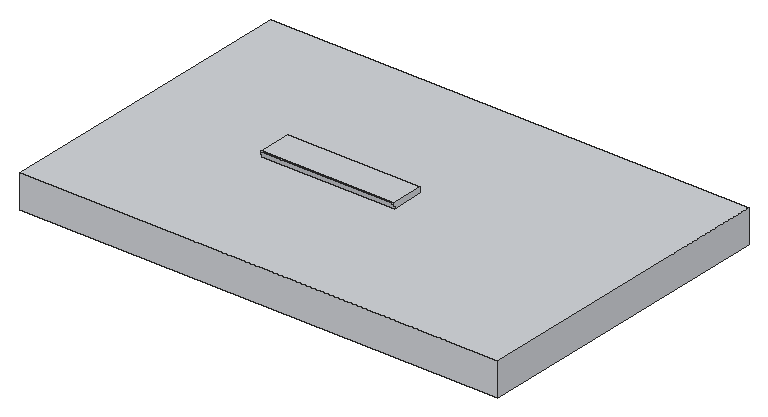
Revit family
Parameters
  Width = 1' - 0"
  URL = "www.coldspringgranite.com"
  TypicalJointSize = 0' - 0 1/4"
  StoneMaterial = none
  SettingSpace = AirGap + Height  # 0' - 2 15/16"
  Product Name = "Stair Tread Stone for Veneered Application - Splayed Front Edge"
  Product Documentation Link = "http://www.coldspringgranite.com/BIM_Families/Family_Detail/Stair_Tread_Stone_for_Veneered_Application_-_Splayed_Front_Edge/"
  PhoneNumber = "800-551-7502"
  Notes = ""
  NosingRadius = 0' - 0 1/4"
  Model = "N/A"
  Manufacturer = "Cold Spring Granite Company"
  Low Emitting Material = yes
  Low Emitting Finish = yes
  Location = "17482 Granite West Road, Cold Spring, MN 56320-4578"
  Length = 4' - 0"
  LEED Credit = ""
  Keynote = "096340"
  JointRightOff = no
  JointRight = if(JointRightOff, 0' 0", TypicalJointSize / 2)  # 0' - 0 1/8"
  JointLeftOff = no
  JointLeft = if(JointLeftOff, 0' 0", TypicalJointSize / 2)  # 0' - 0 1/8"
  Height = 0' - 1 15/16"
  Description = "Stone Stair Tread Veneer Splayed"
  Default Elevation = 0' - 0"
  Assembly Code = "C2010100"
  AngledHeadDepth = 0' - 0 1/2"
  AirGap = 0' - 1"
  ADA Compliant = yes
Reference planes (in)
  plane 1 "Center (Front/Back)": y = 0
  plane 2: z = 0
  plane 3 "Center (Left/Right)": x = 0
  plane 4 "StoneLeft": x = 0.125
  plane 5 "StoneRight": x = 47.875
  plane 6 "Right": x = 48
  plane 7 "StoneBack": y = 12
  plane 8 "StoneFace": z = 2.9375
  plane 9 "StoneBottom": z = 1
  plane 10 "AngleHead": y = 0.5
  plane 11 "CarborundumBottom": z = 2.6875
Forms (in)
  Extrusion 1, solid
    sketch origin (0, 0, 0) x (1, 0, 0) y (0, 1, 0)
      loop
        line (-48, 64.5) -> (-48, -48) -> (124.0595, -48) -> (124.0595, 64.5) -> (-48, 64.5)
    from 0 to -12
  Extrusion 2, solid, material <- "StoneMaterial", detail levels medium+fine
    sketch origin (0, 0, 0) x (0, 1, 0) y (0, 0, 1)
      loop
        line (12, 1) -> (12, 2.9375) -> (0.32271, 2.9375)
        arc (0.32271, 2.9375) -> (0.12507, 2.84061) -> (0.08064, 2.62503) r 0.25
        line (0.08064, 2.62503) -> (0.5, 1) -> (12, 1)
    from 0.125 to 47.875
  Extrusion 3, solid, material <- "StoneMaterial", detail levels coarse
    sketch origin (0, 0, 0) x (0, 1, 0) y (0, 0, 1)
      loop
        line (12, 1) -> (12, 2.9375) -> (0, 2.9375) -> (0.5, 1) -> (12, 1)
    from 0 to 48
Lines and regions (in)
  Masking region 1, detail levels coarse
    outline origin (0, 0, 0) x (1, 0, 0) y (0, 1, 0)
      loop
        line (0, 12) -> (0, 0) -> (48, 0) -> (48, 12) -> (0, 12)
  Masking region 2, detail levels medium+fine
    outline origin (0, 0, 0) x (1, 0, 0) y (0, 1, 0)
      loop
        line (0.125, 12) -> (0.125, 0) -> (47.875, 0) -> (47.875, 12) -> (0.125, 12)
  Masking region 3, detail levels coarse
    outline origin (0, 0, 0) x (0, 1, 0) y (0, 0, 1)
      loop
        line (12, 1) -> (12, 2.9375) -> (0, 2.9375) -> (0.5, 1) -> (12, 1)
  Masking region 4, detail levels medium+fine
    outline origin (0, 0, 0) x (0, 1, 0) y (0, 0, 1)
      loop
        line (12, 1) -> (12, 2.9375) -> (0.32271, 2.9375) -> (0, 2.9375) -> (0.08064, 2.62503) -> (0.5, 1) -> (12, 1)
  Masking region 5, detail levels coarse
    outline origin (0, 0, 0) x (1, 0, 0) y (0, 0, 1)
      loop
        line (0, 2.9375) -> (0, 1) -> (48, 1) -> (48, 2.9375) -> (0, 2.9375)
  Masking region 6, detail levels medium+fine
    outline origin (0, 0, 0) x (1, 0, 0) y (0, 0, 1)
      loop
        line (0.125, 2.9375) -> (0.125, 1) -> (47.875, 1) -> (47.875, 2.9375) -> (0.125, 2.9375)
  reference lines
    curve 1: line (0, 0, 2.9375) -> (0, 0.5, 1)
    curve 2: line (0, 1.97306, -3.70763) -> (0, 0.14753, 3.36632)
    curve 3: line (0, 0.32271, 2.6875) -> (0, 0.32271, 6.4375)
    curve 4: line (0, 0.32271, 2.6875) -> (0, -2.58213, 1.93787)
  symbolic lines, detail levels medium+fine
    curve 5: arc (0, 0.32271, 2.9375) -> (0, 0.12507, 2.84061) -> (0, 0.08064, 2.62503) r 0.25
Dimensions and locks (in)
  "Length": plane 3 "Center (Left/Right)" to plane 6 "Right"
  "JointLeft": plane 3 "Center (Left/Right)" to plane 4 "StoneLeft"
  "JointRight": plane 5 "StoneRight" to plane 6 "Right"
  "Width": plane 1 "Center (Front/Back)" to plane 7 "StoneBack"
  "SettingSpace": plane 8 "StoneFace" to plane 2
  "Height": plane 8 "StoneFace" to plane 9 "StoneBottom"
  "AngledHeadDepth": plane 10 "AngleHead" to plane 1 "Center (Front/Back)"
  "NosingRadius": plane 8 "StoneFace" to plane 11 "CarborundumBottom"
  "NosingRadius": curve 1 to curve 2
  "NosingRadius": radius of Extrusion 2 sketch curve
  angle plane 11 "CarborundumBottom" to curve 3 = 90.00°
  angle curve 2 to curve 4 = 90.00°
  aligned and locked: Extrusion 1 to plane 2
  aligned and locked: level to Extrusion 1
  aligned and locked: plane 1 "Center (Front/Back)" to curve 1
  aligned and locked: plane 8 "StoneFace" to curve 1
  aligned and locked: plane 9 "StoneBottom" to curve 1
  aligned and locked: plane 10 "AngleHead" to curve 1
  aligned and locked: plane 7 "StoneBack" to Extrusion 2 sketch curve
  aligned and locked: plane 8 "StoneFace" to Extrusion 2 sketch curve  (x2)
  aligned and locked: curve 3 to Extrusion 2 sketch curve
  aligned and locked: curve 4 to Extrusion 2 sketch curve
  aligned and locked: curve 1 to Extrusion 2 sketch curve
  aligned and locked: plane 5 "StoneRight" to Extrusion 2
  aligned and locked: Extrusion 2 to plane 4 "StoneLeft"
  aligned and locked: plane 7 "StoneBack" to Extrusion 3 sketch curve
  aligned and locked: plane 8 "StoneFace" to Extrusion 3 sketch curve
  aligned and locked: plane 6 "Right" to Extrusion 3
  aligned and locked: Extrusion 3 to plane 3 "Center (Left/Right)"
  aligned and locked: Extrusion 3 sketch curve to plane 9 "StoneBottom"
  aligned and locked: Extrusion 2 sketch curve to plane 9 "StoneBottom"
  aligned and locked: Masking region 1 sketch curve to plane 7 "StoneBack"
  aligned and locked: plane 3 "Center (Left/Right)" to Masking region 1 sketch curve
  aligned and locked: Masking region 1 sketch curve to plane 6 "Right"
  aligned and locked: Masking region 1 sketch curve to plane 1 "Center (Front/Back)"
  aligned and locked: Masking region 2 sketch curve to plane 7 "StoneBack"
  aligned and locked: plane 4 "StoneLeft" to Masking region 2 sketch curve
  aligned and locked: Masking region 2 sketch curve to plane 5 "StoneRight"
  aligned and locked: Masking region 2 sketch curve to plane 1 "Center (Front/Back)"
  aligned and locked: plane 7 "StoneBack" to Masking region 3 sketch curve
  aligned and locked: plane 8 "StoneFace" to Masking region 3 sketch curve
  aligned and locked: plane 9 "StoneBottom" to Masking region 3 sketch curve
  aligned and locked: Masking region 3 sketch curve to curve 1
  aligned and locked: plane 7 "StoneBack" to Masking region 4 sketch curve
  aligned and locked: plane 9 "StoneBottom" to Masking region 4 sketch curve
  aligned and locked: curve 1 to Masking region 4 sketch curve
  aligned and locked: plane 8 "StoneFace" to Masking region 4 sketch curve  (x2)
  aligned and locked: curve 3 to Masking region 4 sketch curve
  aligned and locked: curve 4 to Masking region 4 sketch curve
  aligned and locked: plane 1 "Center (Front/Back)" to Masking region 4 sketch curve
  aligned and locked: curve 3 to curve 5
  aligned and locked: plane 8 "StoneFace" to curve 5
  aligned and locked: curve 1 to curve 5
  aligned and locked: curve 4 to curve 5
  aligned and locked: plane 3 "Center (Left/Right)" to Masking region 5 sketch curve
  aligned and locked: plane 9 "StoneBottom" to Masking region 5 sketch curve
  aligned and locked: Masking region 5 sketch curve to plane 6 "Right"
  aligned and locked: Masking region 5 sketch curve to plane 8 "StoneFace"
  aligned and locked: Masking region 6 sketch curve to plane 8 "StoneFace"
  aligned and locked: plane 4 "StoneLeft" to Masking region 6 sketch curve
  aligned and locked: plane 9 "StoneBottom" to Masking region 6 sketch curve
  aligned and locked: Masking region 6 sketch curve to plane 5 "StoneRight"
Automatic sketch dimensions
  Extrusion 1 sketch curve to Extrusion 1 sketch curve = 14' - 4.0595"
  Extrusion 1 sketch curve to Extrusion 1 sketch curve = 9' - 4 1/2"
  curve 3 to plane 11 "CarborundumBottom" = 0' - 0"
  curve 4 to curve 3 = 0' - 0"
  curve 2 to plane 1 "Center (Front/Back)" = 0' - 0.14753"
  Extrusion 3 sketch curve to plane 1 "Center (Front/Back)" = 0' - 0"
  Extrusion 3 sketch curve to plane 10 "AngleHead" = 0' - 0"
Nested families (in)
  nested 1: "CopyRight" at (0, 0, 0), type "CopyRight"
Definition of nested family "CopyRight"
  Parameters (values of type "CopyRight")
    CopyRight = "Cold Spring Granite Company"
  Reference planes (in)
    plane 1: z = 0
